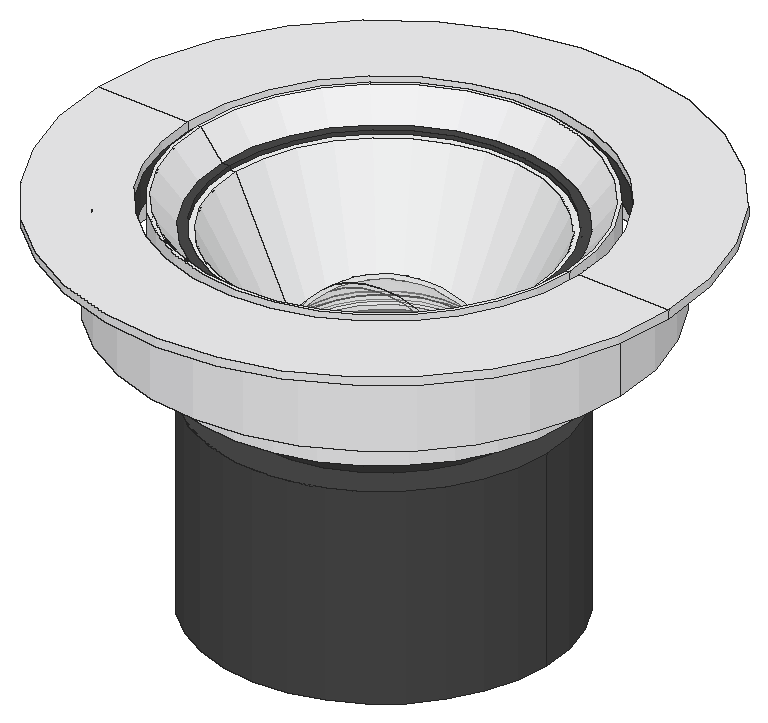
Revit family "2070037", category Lighting Fixtures, host Face, Revit 2018
Family settings
  Host = Face
  Round Connector Dimension = Use Diameter
  Part Type = Normal
  OmniClass Number = 23.80.70.11.17
  OmniClass Title = Specialized Lighting by Location or Use
  Cut with Voids When Loaded = No
  Light Source = No
  Shared = No
  Room Calculation Point = No
Parameters (values of type "2070037 EXPOSPOT 90 ADJ HE RA90 3000K WB WHITE")
  Weight = 0.77 kg  # constant formula
  Total Power Consumption = 27.9994 W
  Reflector Material = Aluminum_Sylvania_Expospot_Polished
  Radius = Diameter / 2  # 75.0 mm
  Product Code = "0060262"
  Photometric Web File = IES_Expospot_90_Adjustable : 0060269
  Photobiological Risk Group = "RG1"  # constant formula
  Nominal Frequency = "50/60Hz"  # constant formula
  Mounting Outer Radius = Head Radius + 3.0 mm  # 52.0 mm
  Max. Luminaires per 20A C Breaker = "45"  # constant formula
  Max. Luminaires per 20A B Breaker = "27"  # constant formula
  Max. Luminaires per 16A C Breaker = "35"  # constant formula
  Max. Luminaires per 16A B Breaker = "21"  # constant formula
  Max. Luminaires per 13A C Breaker = "28"  # constant formula
  Max. Luminaires per 13A B Breaker = "17"  # constant formula
  Max. Luminaires per 10A C Breaker = "21"  # constant formula
  Max. Luminaires per 10A B Breaker = "13"  # constant formula
  Light Loss Factor = 1  # constant formula
  Lamp Power Factor = 0.92
  LOR = "100%"  # constant formula
  Keynote = "n/a"
  Inrush Duration = "250µs"  # constant formula
  Inrush Current = 19.4 A  # constant formula
  Initial Intensity = 3126 lm
  Initial Color = 3000 K
  IP Rating = "IP20"  # constant formula
  IK Rating = "IK02"  # constant formula
  Height = 103.0 mm  # constant formula
  Voltage Comments = "220-240V~"  # constant formula
  Voltage = 240 V  # constant formula
  URL = "0.92"
  Product Page URL = "http://www.sylvania-lighting.com/product/en-int/products/0060262"
  Product Family = "EXPOSPOT 90 ADJUSTABLE"  # constant formula
  Head Radius = Radius - 26.0 mm  # 49.0 mm
  Head Diameter = Head Radius * 2  # 98.0 mm
  Head Angle [instance] = 0°
  Glow Wire Test = 850 °C  # constant formula
  Electrical Protection = "Class II"  # constant formula
  Drive Current = "700mA"  # constant formula
  Dimmable = "N"  # constant formula
  Diffuser Material = Acrylic_Sylvania_Expospot_3000K
  Diameter = 150.0 mm  # constant formula
  Cutout Diameter = Diameter - 10.0 mm  # 140.0 mm
  Created by URL = "http://all1studio.com/"
  Created by = "All 1 Studio Ltd. "  # constant formula
  Control Gear Type = "Electronic"  # constant formula
  Control Gear Required = "No"  # constant formula
  Control Gear Mounting = "Remote"  # constant formula
  Colour Variation Initial = "3SDCM"  # constant formula
  built-in parameter 1114216 [instance] = 1 (stored number, unit not read)
  Model = "EXPOSPOT 90 ADJUSTABLE HE RA90 3000K WB WHITE"
  Manufacturer = "Feilo Sylvania"  # constant formula
  Lamp = "LED"  # constant formula
  CRI = "80Ra"
  Body Material = Aluminum_Sylvania_Expospot_White
  Description = "Specifically designed for Retail and Display applications. I.e. Supermarkets Fashion Retail Department stores. Build around a 90mm reflector and lens combination."  # constant formula
  Default Elevation = 0.0 mm
  built-in parameter 1140040 [instance] = 1
  Beam Angle = 47°
  Average Life = "50 000h"  # constant formula
  Assembly Code = "D5020200"
  Apparent Load Comments = ""
  Apparent Load = 28 VA
  Body Secondary Material = Plastic_Sylvania_Expospot_Black
Reference planes
  plane 1 "Center (Front/Back)": y = 0
  plane 2: z = 0
  plane 3 "Center (Left/Right)": x = -7.423
  plane 4: z = 2
  plane 5: z = -22.5
  plane 6: x = -82.423
  plane 7: z = -5
Forms (mm)
  Revolve 1, solid, material "Aluminum_Sylvania_Expospot_White" <- "Body Material", detail levels fine
    sketch origin (0, 0, 0) x (1, 0, 0) y (0, 0, 1)
      loop
        line (-82.423, 2) -> (-82.423, 0) -> (-69.923, 0) -> (-69.923, -22.5) -> (-67.923, -22.5) -> (-67.923, 0) -> (-58.923, 0) -> (-58.923, 2) -> (-82.423, 2)
      axis (-7.423, 2) -> (-7.423, -22.5)
    angle from 0 to 360
  Revolve 2, solid, material "Plastic_Sylvania_Expospot_Black" <- "Body Secondary Material", detail levels fine
    sketch origin (0, 0, 0) x (1, 0, 0) y (0, 0, 1)
      loop
        line (-67.923, 0) -> (-67.923, -1.5) -> (-60.923, -1.5) -> (-60.923, -8.5) -> (-59.423, -8.5) -> (-59.423, 0) -> (-67.923, 0)
      axis (-7.423, 0) -> (-7.423, -8.5)
    angle from 0 to 360
  Extrusion 3, void
    sketch origin (0, 0, 0) x (1, 0, 0) y (0, 1, 0)
      loop
        circle (-7.423, 0) r 70
    from -116.997 to 69.443
  Extrusion 4, solid, material "Aluminum_Sylvania_Expospot_White" <- "Body Material", detail levels fine
    sketch origin (-7.423, 0, 0) x (0, 1, 0) y (0, 0, 1)
      loop
        circle (0, -5) r 3.5
    from 49 <- "Head Radius" to 52 <- "Mounting Outer Radius"
  Extrusion 5, solid, material "Aluminum_Sylvania_Expospot_White" <- "Body Material", detail levels fine
    sketch origin (-7.423, 0, 0) x (0, 1, 0) y (0, 0, -1)
      loop
        circle (0, 5) r 3.5
    from 49 <- "Head Radius" to 52 <- "Mounting Outer Radius"
  Revolve 6, solid, material "Aluminum_Sylvania_Expospot_White" <- "Body Material", detail levels coarse+medium
    sketch origin (0, 0, 0) x (1, 0, 0) y (0, 0, 1)
      loop
        line (-82.423, 2) -> (-82.423, 0) -> (-69.923, 0) -> (-69.923, -22.5) -> (-67.923, -22.5) -> (-67.923, -8.5) -> (-58.923, -8.5) -> (-58.923, 2) -> (-82.423, 2)
      axis (-7.423, 2) -> (-7.423, -22.5)
    angle from 0 to 360
Lines and regions (mm)
  Masking region 1
    outline origin (0, 0, 0) x (1, 0, 0) y (0, 1, 0)
      loop
        circle (-7.423, 0) r 75
  reference lines
    curve 1: line (-7.423, 0, -5) -> (-7.423, 0, -60)
  symbolic lines, detail levels fine
    curve 2: arc (-58.923, 0, 0) -> (-7.423, 51.5, 0) -> (44.077, 0, 0) r 51.5
    curve 3: arc (44.077, 0, 0) -> (-7.423, -51.5, 0) -> (-58.923, 0, 0) r 51.5
Dimensions and locks
  plane 4 to plane 2 to plane 7 to plane 5 = 2.0 mm locked, 5.0 mm locked, 17.5 mm locked
  "Radius": plane 6 to plane 3 "Center (Left/Right)"
  "Cutout Diameter": diameter of Extrusion 3 sketch curve
  "Head Angle": angle plane 1 "Center (Front/Back)" to curve 1
  aligned and locked: host face to plane 2
  aligned and locked: host face to level
  aligned and locked: plane 6 to Revolve 1 sketch curve
  aligned and locked: Revolve 1 sketch curve to plane 3 "Center (Left/Right)"
  aligned and locked: plane 1 "Center (Front/Back)" to curve 1
  aligned and locked: plane 7 to curve 1
  aligned and locked: plane 6 to Revolve 6 sketch curve
Automatic sketch dimensions
  host sketch curve to host sketch curve = 1412.252 mm
  host sketch curve to host sketch curve = 1359.6 mm
  Revolve 1 sketch curve to level = 0.0 mm  (x2)
  Revolve 1 sketch curve to plane 5 = 0.0 mm
  Revolve 1 sketch curve to plane 4 = 0.0 mm
  Revolve 1 sketch curve to Revolve 1 sketch curve = 12.5 mm
  Revolve 1 sketch curve to Revolve 1 sketch curve = 2.0 mm
  Revolve 1 sketch curve to Revolve 1 sketch curve = 9.0 mm
  Revolve 1 sketch curve to plane 5 = 349.774 mm
  plane 4 to Revolve 1 sketch curve = 1145.706 mm
  Revolve 2 sketch curve to level = 0.0 mm
  Revolve 2 sketch curve to plane 3 "Center (Left/Right)" = 0.0 mm
  Revolve 2 sketch curve to plane 6 = 23.0 mm
  Revolve 2 sketch curve to Revolve 2 sketch curve = 1.5 mm
  Revolve 2 sketch curve to level = 1.5 mm
  Revolve 2 sketch curve to Revolve 2 sketch curve = 7.0 mm
  Revolve 2 sketch curve to plane 7 = 3.5 mm
  Revolve 2 sketch curve to plane 5 = 349.774 mm
  plane 4 to Revolve 2 sketch curve = 1145.706 mm
  plane 1 "Center (Front/Back)" to Extrusion 3 sketch curve = 0.0 mm
  Extrusion 3 sketch curve to plane 3 "Center (Left/Right)" = 0.0 mm
  Extrusion 4 sketch curve to plane 1 "Center (Front/Back)" = 0.0 mm
  Extrusion 4 sketch curve to plane 7 = 0.0 mm
  Extrusion 5 sketch curve to plane 1 "Center (Front/Back)" = 0.0 mm
  Extrusion 5 sketch curve to plane 7 = 0.0 mm
  Revolve 6 sketch curve to level = 0.0 mm
  Revolve 6 sketch curve to plane 5 = 0.0 mm
  Revolve 6 sketch curve to plane 4 = 0.0 mm
  Revolve 6 sketch curve to plane 3 "Center (Left/Right)" = 0.0 mm
  Revolve 6 sketch curve to plane 6 = 12.5 mm
  Revolve 6 sketch curve to plane 7 = 3.5 mm
  Revolve 6 sketch curve to Revolve 6 sketch curve = 9.0 mm
  Revolve 6 sketch curve to plane 5 = 349.774 mm
  plane 4 to Revolve 6 sketch curve = 1145.706 mm
  Revolve 6 sketch curve to Revolve 6 sketch curve = 2.0 mm
  Masking region 1 sketch curve to Masking region 1 sketch curve = 0.0 mm  (x2)
  plane 1 "Center (Front/Back)" to Masking region 1 sketch curve = 0.0 mm
  Masking region 1 sketch curve to plane 6 = 0.0 mm
  Masking region 1 sketch curve to plane 3 "Center (Left/Right)" = 0.0 mm
  curve 2 to curve 3 = 0.0 mm  (x2)
  plane 1 "Center (Front/Back)" to curve 2 = 0.0 mm
  curve 3 to plane 3 "Center (Left/Right)" = 0.0 mm
  curve 3 to plane 6 = 23.5 mm
  radius of Extrusion 4 sketch curve = 3.5 mm
  radius of Extrusion 5 sketch curve = 3.5 mm
Nested families
  nested 1: "Head_Expospot 90" at (-7.423, 0, 2), type "Head_Expospot 90"
  nested 2: "IES_Expospot_90_Adjustable" at (-7.423, 0, 2), type <- "Photometric Web File", type "0060269"
Connectors
  electrical at (-7.423, 0, -101), driven by "Voltage", driven by "Apparent Load", driven by "Lamp Power Factor"
    settings: on nested 1, index 1, voltage 240 V, apparent load 0 VA, apparent load phase1 28 VA, apparent load phase2 0 VA, apparent load phase3 0 VA, power factor 0.92, load classification "Lighting", number of poles 1, system type 31, power factor state 1, is connector primary yes, connector utility no, sub classification motor no, connector description ""
Definition of nested family "Head_Expospot 90"
  Parameters (values of type "Head_Expospot 90")
    Reflector Material = none
    Radius = 49.0 mm
    Height = 103.0 mm
    Diffuser Material = none
    Default Elevation = 0.0 mm
    Cooling Radius = Radius - 6.0 mm  # 43.0 mm
    Body Secondary Material = none
    Body Material = none
  Reference planes
    plane 1 "Center (Front/Back)": y = 0
    plane 2: z = 0
    plane 3 "Center (Left/Right)": x = 0
    plane 4: z = -35.5
    plane 5: z = -6.5
    plane 6 "Fixture Radius": x = -49
    plane 7: z = -45
    plane 8: z = -95
    plane 9: z = -103
    plane 10 "Diffuser Radius": x = -24.5
    plane 11: z = -36.5
  Forms (mm)
    Revolve 1, solid, material <- "Body Material", detail levels fine
      sketch origin (0, 0, 0) x (1, 0, 0) y (0, 0, 1)
        loop
          line (-49, 0) -> (-49, -35.5) -> (-47, -35.5) -> (-47, -4.542) -> (-45.357, -6.5) -> (-42.746, -6.5) -> (-48.2, 0) -> (-49, 0)
        axis (0, 0) -> (0, -35.5)
      angle from 0 to 360
    Revolve 2, solid, material <- "Reflector Material", detail levels fine
      sketch origin (0, 0, 0) x (1, 0, 0) y (0, 0, 1)
        loop
          line (-41, -7.5) -> (-41, -8.5) -> (-39.623, -8.5) -> (-25.123, -37.5) -> (-20.5, -37.5) -> (-20.5, -36.5) -> (-24.5, -36.5) -> (-39, -7.5) -> (-41, -7.5)
        axis (0, -7.5) -> (0, -37.5)
      angle from 0 to 360
    Revolve 3, solid, material <- "Body Secondary Material", detail levels fine
      sketch origin (0, 0, 0) x (1, 0, 0) y (0, 0, 1)
        loop
          line (-47, -6.5) -> (-47, -35.5) -> (-42.5, -35.5) -> (-35.078, -45) -> (0, -45) -> (0, -37.5) -> (-24.5, -37.5) -> (-24.5, -44) -> (-34.59, -44) -> (-42.012, -34.5) -> (-46, -34.5) -> (-46, -7.5) -> (-40.5, -7.5) -> (-40.5, -6.5) -> (-47, -6.5)
        axis (0, -6.5) -> (0, -45)
      angle from 0 to 360
    Revolve 4, solid, material <- "Body Secondary Material", detail levels fine
      sketch origin (0, 0, 0) x (1, 0, 0) y (0, 0, 1)
        loop
          line (-30, -95) -> (-30, -97) -> (-28, -103) -> (0, -103) -> (0, -95) -> (-30, -95)
        axis (0, -95) -> (0, -103)
      angle from 0 to 360
    Extrusion 5, solid, material <- "Body Secondary Material", detail levels fine
      sketch origin (0, 0, 0) x (1, 0, 0) y (0, 1, 0)
        loop
          circle (0, 0) r 43
      from -95 to -45
    Extrusion 6, solid, material <- "Body Material", detail levels coarse+medium
      sketch origin (0, 0, 0) x (1, 0, 0) y (0, 1, 0)
        loop
          circle (0, 0) r 49
      from -103 to 0
    Revolve 7, solid, material <- "Diffuser Material", detail levels fine
      sketch origin (0, 0, 0) x (1, 0, 0) y (0, 0, 1)
        loop
          line (-22.5, -34.5) -> (-22.5, -36.5) -> (-21.5, -36.5) -> (-21.5, -34.77)
          arc (-21.5, -34.77) -> (-12.378, -25.783) -> (0, -22.5) r 24.971
          line (0, -22.5) -> (0, -21.5)
          arc (0, -21.5) -> (-12.993, -24.984) -> (-22.5, -34.5) r 25.971
        axis (0, -21.5) -> (0, -36.5)
      angle from 0 to 360
  Dimensions and locks
    "Radius": plane 3 "Center (Left/Right)" to plane 6 "Fixture Radius"
    locked: Revolve 4 sketch curve to plane 6 "Fixture Radius" at 19
    locked: plane 10 "Diffuser Radius" to plane 6 "Fixture Radius" at 24.5
    Revolve 7 sketch curve to Revolve 7 sketch curve to plane 11 = 1.0 mm locked, 14.0 mm locked
    plane 10 "Diffuser Radius" to Revolve 7 sketch curve to Revolve 7 sketch curve = 2.0 mm locked, 1.0 mm locked
    "Height": plane 2 to plane 9
    locked: plane 8 to plane 9 at 8
    plane 2 to plane 5 to plane 4 to plane 11 to plane 7 = 6.5 mm locked, 29.0 mm locked, 1.0 mm locked, 8.5 mm locked
    "Radius": radius of Extrusion 6 sketch curve
    "Cooling Radius": radius of Extrusion 5 sketch curve
    aligned and locked: level to plane 2
    aligned and locked: Revolve 1 sketch curve to plane 6 "Fixture Radius"
    aligned and locked: Extrusion 5 to plane 8
    aligned and locked: plane 7 to Extrusion 5
    aligned and locked: Extrusion 6 to plane 9
    aligned and locked: plane 2 to Extrusion 6
    aligned and locked: Revolve 1 sketch curve to plane 4
  Automatic sketch dimensions
    Revolve 4 sketch curve to plane 8 = 0.0 mm
    Revolve 4 sketch curve to plane 9 = 0.0 mm
    Revolve 4 sketch curve to plane 3 "Center (Left/Right)" = 0.0 mm  (x2)
    Revolve 4 sketch curve to plane 8 = 2.0 mm
    Revolve 4 sketch curve to Revolve 4 sketch curve = 2.0 mm
    Revolve 4 sketch curve to plane 9 = 265.545 mm
    level to Revolve 4 sketch curve = 2214.315 mm
    Revolve 1 sketch curve to level = 0.0 mm
    Revolve 1 sketch curve to plane 3 "Center (Left/Right)" = 0.0 mm
    Revolve 1 sketch curve to Revolve 1 sketch curve = 0.8 mm
    Revolve 1 sketch curve to Revolve 1 sketch curve = 2.0 mm
    plane 5 to Revolve 1 sketch curve = 1.958 mm
    Revolve 1 sketch curve to plane 5 = 0.0 mm
    Revolve 1 sketch curve to Revolve 1 sketch curve = 1.643 mm
    Revolve 1 sketch curve to Revolve 1 sketch curve = 2.611 mm
    Revolve 1 sketch curve to plane 9 = 288.545 mm
    level to Revolve 1 sketch curve = 2214.315 mm
    plane 10 "Diffuser Radius" to Revolve 2 sketch curve = 0.0 mm
    Revolve 2 sketch curve to plane 3 "Center (Left/Right)" = 0.0 mm
    Revolve 2 sketch curve to plane 11 = 0.0 mm
    Revolve 2 sketch curve to plane 5 = 1.0 mm
    plane 6 "Fixture Radius" to Revolve 2 sketch curve = 10.0 mm
    Revolve 2 sketch curve to Revolve 2 sketch curve = 2.0 mm
    Revolve 2 sketch curve to plane 10 "Diffuser Radius" = 4.0 mm
    Revolve 2 sketch curve to Revolve 2 sketch curve = 383.045 mm
    Revolve 2 sketch curve to Revolve 2 sketch curve = 2221.815 mm
    plane 10 "Diffuser Radius" to Revolve 2 sketch curve = 0.623 mm
    Revolve 2 sketch curve to Revolve 2 sketch curve = 0.623 mm
    Revolve 2 sketch curve to Revolve 2 sketch curve = 1.0 mm
    Revolve 2 sketch curve to plane 11 = 1.0 mm
    Revolve 3 sketch curve to plane 5 = 0.0 mm
    Revolve 3 sketch curve to plane 4 = 0.0 mm
    Revolve 3 sketch curve to plane 7 = 0.0 mm
    plane 10 "Diffuser Radius" to Revolve 3 sketch curve = 0.0 mm
    Revolve 3 sketch curve to plane 3 "Center (Left/Right)" = 0.0 mm  (x2)
    plane 7 to Revolve 3 sketch curve = 1.0 mm
    plane 10 "Diffuser Radius" to Revolve 3 sketch curve = 10.09 mm
    Revolve 3 sketch curve to Revolve 3 sketch curve = 0.488 mm  (x2)
    Revolve 3 sketch curve to plane 5 = 1.0 mm
    plane 6 "Fixture Radius" to Revolve 3 sketch curve = 8.5 mm
    plane 4 to Revolve 3 sketch curve = 1.0 mm
    plane 6 "Fixture Radius" to Revolve 3 sketch curve = 6.988 mm
    plane 6 "Fixture Radius" to Revolve 3 sketch curve = 3.0 mm
    Revolve 3 sketch curve to Revolve 3 sketch curve = 1.0 mm
    Revolve 3 sketch curve to plane 9 = 265.545 mm
    level to Revolve 3 sketch curve = 2214.315 mm
    Revolve 3 sketch curve to plane 11 = 1.0 mm
    Revolve 7 sketch curve to Revolve 7 sketch curve = 0.0 mm
    Revolve 7 sketch curve to plane 11 = 0.0 mm
    Revolve 7 sketch curve to plane 3 "Center (Left/Right)" = 0.0 mm  (x2)
    plane 4 to Revolve 7 sketch curve = 0.73 mm
    Revolve 7 sketch curve to plane 9 = 278.0 mm
    level to Revolve 7 sketch curve = 156.383 mm
    plane 1 "Center (Front/Back)" to Extrusion 5 sketch curve = 0.0 mm
    Extrusion 5 sketch curve to plane 3 "Center (Left/Right)" = 0.0 mm
    plane 1 "Center (Front/Back)" to Extrusion 6 sketch curve = 0.0 mm
    Extrusion 6 sketch curve to plane 3 "Center (Left/Right)" = 0.0 mm
Definition of nested family "IES_Expospot_90_Adjustable"
  Parameters (values of type "0060286")
    Wattage = 34.9993 W
    built-in parameter 1150110 = 1 (stored number, unit not read)
    Total Power Consumption = 34.9993 W
    built-in parameter 1114217 = 1 (stored number, unit not read)
    Tilt Angle = -90°
    built-in parameter 1150109 = 1 (stored number, unit not read)
    built-in parameter 1150134 = (empty or 0)
    built-in parameter 1150113 = 1 (stored number, unit not read)
    Photometric Web File = "0060286.ies"
    built-in parameter 1150105 = 296.11 (stored number, unit not read)
    Lumens = 3721 lm
    built-in parameter 1150115 = 1 (stored number, unit not read)
    built-in parameter 1150137 = (empty or 0)
    built-in parameter 1150139 = (empty or 0)
    built-in parameter 1150112 = 1 (stored number, unit not read)
    built-in parameter 1150114 = 1 (stored number, unit not read)
    built-in parameter 1150132 = 2
    built-in parameter 1150102 = 3721
    built-in parameter 1150107 = 3000 (stored number, unit not read)
    built-in parameter 1150138 = 3000
    built-in parameter 1150106 = 2.9611 (stored number, unit not read)
    Emit from Circle Diameter = 98.0 mm
    Emit Shape Visible in Rendering = no
    built-in parameter 1150104 = 9.8771 (stored number, unit not read)
    Dimming Lamp Color Temperature Shift = (empty or 0)
    Default Elevation = 0.0 mm
    Color Filter = 16777215
    built-in parameter 1114218 = 1 (stored number, unit not read)
    built-in parameter 1150133 = 10 (stored number, unit not read)
    Apparent Load = 34.9993 VA
  Types (24, lengths in mm): name | Wattage | Total Power Consumption | built-in parameter 1150134 | Photometric Web File | built-in parameter 1150105 | Lumens | built-in parameter 1150102 | built-in parameter 1150107 | built-in parameter 1150138 | built-in parameter 1150106 | built-in parameter 1150104 | Apparent Load
    0060296 | 34.9993 W | 34.9993 W | 12 | "0060296.ies" | 276.85 (stored number, unit not read) | 3479 lm | 3479 | 4000 (stored number, unit not read) | 4000 | 2.7685 (stored number, unit not read) | 9.2348 (stored number, unit not read) | 34.9993 VA
    0060295 | 34.9993 W | 34.9993 W | 12 | "0060295.ies" | 275.18 (stored number, unit not read) | 3458 lm | 3458 | 4000 (stored number, unit not read) | 4000 | 2.7518 (stored number, unit not read) | 9.179 (stored number, unit not read) | 34.9993 VA
    0060294 | 34.9993 W | 34.9993 W | 12 | "0060294.ies" | 284.09 (stored number, unit not read) | 3570 lm | 3570 | 4000 (stored number, unit not read) | 4000 | 2.8409 (stored number, unit not read) | 9.4763 (stored number, unit not read) | 34.9993 VA
    0060293 | 34.9993 W | 34.9993 W | (empty or 0) | "0060293.ies" | 262.05 (stored number, unit not read) | 3293 lm | 3293 | 3000 (stored number, unit not read) | 3000 | 2.6205 (stored number, unit not read) | 8.741 (stored number, unit not read) | 34.9993 VA
    0060292 | 34.9993 W | 34.9993 W | (empty or 0) | "0060292.ies" | 253.06 (stored number, unit not read) | 3180 lm | 3180 | 3000 (stored number, unit not read) | 3000 | 2.5306 (stored number, unit not read) | 8.4411 (stored number, unit not read) | 34.9993 VA
    0060291 | 34.9993 W | 34.9993 W | (empty or 0) | "0060291.ies" | 268.1 (stored number, unit not read) | 3369 lm | 3369 | 3000 (stored number, unit not read) | 3000 | 2.681 (stored number, unit not read) | 8.9428 (stored number, unit not read) | 34.9993 VA
    0060290 | 34.9993 W | 34.9993 W | 12 | "0060290.ies" | 313.69 (stored number, unit not read) | 3942 lm | 3942 | 4000 (stored number, unit not read) | 4000 | 3.1369 (stored number, unit not read) | 10.464 (stored number, unit not read) | 34.9993 VA
    0060289 | 34.9993 W | 34.9993 W | 12 | "0060289.ies" | 306.53 (stored number, unit not read) | 3852 lm | 3852 | 4000 (stored number, unit not read) | 4000 | 3.0653 (stored number, unit not read) | 10.225 (stored number, unit not read) | 34.9993 VA
    0060288 | 34.9993 W | 34.9993 W | 12 | "0060288.ies" | 327.94 (stored number, unit not read) | 4121 lm | 4121 | 4000 (stored number, unit not read) | 4000 | 3.2794 (stored number, unit not read) | 10.939 (stored number, unit not read) | 34.9993 VA
    0060287 | 34.9993 W | 34.9993 W | (empty or 0) | "0060287.ies" | 297.3 (stored number, unit not read) | 3736 lm | 3736 | 3000 (stored number, unit not read) | 3000 | 2.973 (stored number, unit not read) | 9.9169 (stored number, unit not read) | 34.9993 VA
    0060286 | 34.9993 W | 34.9993 W | (empty or 0) | "0060286.ies" | 296.11 (stored number, unit not read) | 3721 lm | 3721 | 3000 (stored number, unit not read) | 3000 | 2.9611 (stored number, unit not read) | 9.8771 (stored number, unit not read) | 34.9993 VA
    0060272 | 27.9994 W | 27.9994 W | 12 | "0060272.ies" | 227.19 (stored number, unit not read) | 2855 lm | 2855 | 4000 (stored number, unit not read) | 4000 | 2.2719 (stored number, unit not read) | 9.473 (stored number, unit not read) | 27.9994 VA
    0060271 | 27.9994 W | 27.9994 W | 12 | "0060271.ies" | 225.68 (stored number, unit not read) | 2836 lm | 2836 | 4000 (stored number, unit not read) | 4000 | 2.2568 (stored number, unit not read) | 9.4099 (stored number, unit not read) | 27.9994 VA
    0060270 | 27.9994 W | 27.9994 W | 12 | "0060270.ies" | 221.94 (stored number, unit not read) | 2789 lm | 2789 | 4000 (stored number, unit not read) | 4000 | 2.2194 (stored number, unit not read) | 9.254 (stored number, unit not read) | 27.9994 VA
    0060269 | 27.9994 W | 27.9994 W | (empty or 0) | "0060269.ies" | 206.03 (stored number, unit not read) | 2589 lm | 2589 | 3000 (stored number, unit not read) | 3000 | 2.0603 (stored number, unit not read) | 8.5904 (stored number, unit not read) | 27.9994 VA
    0060268 | 27.9994 W | 27.9994 W | (empty or 0) | "0060268.ies" | 204.75 (stored number, unit not read) | 2573 lm | 2573 | 3000 (stored number, unit not read) | 3000 | 2.0475 (stored number, unit not read) | 8.5373 (stored number, unit not read) | 27.9994 VA
    0060267 | 27.9994 W | 27.9994 W | (empty or 0) | "0060267.ies" | 201.81 (stored number, unit not read) | 2536 lm | 2536 | 3000 (stored number, unit not read) | 3000 | 2.0181 (stored number, unit not read) | 8.4145 (stored number, unit not read) | 27.9994 VA
    0060266 | 27.9994 W | 27.9994 W | 12 | "0060266.ies" | 256.96 (stored number, unit not read) | 3229 lm | 3229 | 4000 (stored number, unit not read) | 4000 | 2.5696 (stored number, unit not read) | 10.714 (stored number, unit not read) | 27.9994 VA
    0060265 | 27.9994 W | 27.9994 W | 12 | "0060265.ies" | 257.19 (stored number, unit not read) | 3232 lm | 3232 | 4000 (stored number, unit not read) | 4000 | 2.5719 (stored number, unit not read) | 10.724 (stored number, unit not read) | 27.9994 VA
    0060264 | 27.9994 W | 27.9994 W | 12 | "0060264.ies" | 250.27 (stored number, unit not read) | 3145 lm | 3145 | 4000 (stored number, unit not read) | 4000 | 2.5027 (stored number, unit not read) | 10.435 (stored number, unit not read) | 27.9994 VA
    0060263 | 27.9994 W | 27.9994 W | (empty or 0) | "0060263.ies" | 252.58 (stored number, unit not read) | 3174 lm | 3174 | 3000 (stored number, unit not read) | 3000 | 2.5258 (stored number, unit not read) | 10.531 (stored number, unit not read) | 27.9994 VA
    0060262 | 27.9994 W | 27.9994 W | (empty or 0) | "0060262.ies" | 248.76 (stored number, unit not read) | 3126 lm | 3126 | 3000 (stored number, unit not read) | 3000 | 2.4876 (stored number, unit not read) | 10.372 (stored number, unit not read) | 27.9994 VA
    0060261 | 27.9993 W | 28 W | (empty or 0) | "0060261.ies" | 3140.4 (stored number, unit not read) | 3174 lm | 3479 | 3000 (stored number, unit not read) | 4000 | 31.404 (stored number, unit not read) | 10.531 (stored number, unit not read) | 28 VA
    0060285 | 35.0009 W | 34.9993 W | (empty or 0) | "0060285.ies" | 4452.3 (stored number, unit not read) | 3946 lm | 3721 | 3000 (stored number, unit not read) | 3000 | 44.523 (stored number, unit not read) | 10.474 (stored number, unit not read) | 34.9993 VA
  Reference planes
    plane 1 "Center (Front/Back)": y = 0
    plane 2: z = 0
    plane 3 "Center (Left/Right)": x = 0
  Dimensions and locks
    aligned and locked: level to plane 2
    aligned and locked: plane 3 "Center (Left/Right)" to imposter light
    aligned and locked: plane 1 "Center (Front/Back)" to imposter light
    aligned and locked: level to imposter light
